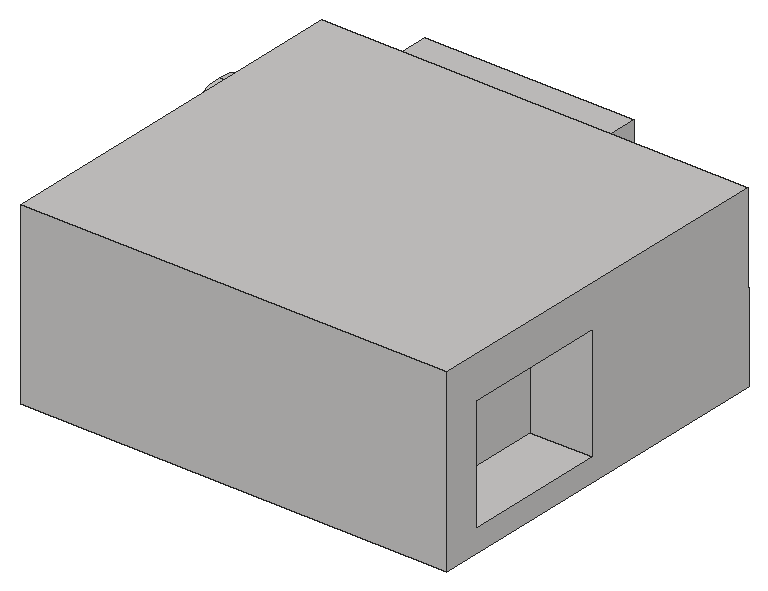
Revit family
Parameters
  Width = 3' - 0 1/8"
  Voltage = 208 V
  Unit Weight = "150.0 lbs"
  UltraLoc Liner = Choose Liner Option = 3  # no
  URL = "http://www.titus-hvac.com/"
  UL = "181"
  Supply Air Flow [instance] = 0 CFM
  SteriLoc Liner = Choose Liner Option = 2  # no
  Primary Air Pressure Drop [instance] = 0.00 in-wg
  Primary Air Flow [instance] = 0 CFM
  Plenum Air Pressure Drop [instance] = 0.00 in-wg
  Plenum Air Flow [instance] = 0 CFM
  Outlet Width = 1' - 2"
  Outlet Vertical Offset = 0' - 1 1/8"
  Outlet Horizontal Offset = 0' - 1 3/8"
  Outlet Height = 0' - 11"
  Number of Poles = 2
  Nominal Width = Width + 0' 6 1/4"  # 3' - 6 3/8"
  Nominal Length = Length + 0' 3 3/8"  # 3' - 8 1/4"
  Nominal Inlet Size = 1' - 0"
  Nominal Height = 1' - 5 1/8"
  NFPA = "90A"
  Motor Full Load Amps = 3 A
  Model = "DTQS"
  Min. Air Flow = 0 CFM
  Max. Air Flow = 0 CFM
  Material = Galvanized Steel
  Manufacturer = "Titus"
  Length = 3' - 4 7/8"
  Juction Box Offset = 0' - 4 7/8"
  Inlet Diameter = Nominal Inlet Size - 0' 0 1/8"  # 0' - 11 7/8"
  Induced Air Inlet Offset = 0' - 4 1/2"
  Induced Air Inlet Width = 1' - 1 1/4"
  Induced Air Inlet Height = 1' - 2 1/2"
  Induced Air Filter = no
  Heating Total Capacity [instance] = 0 Btu/h
  Half Outlet Connection Width = Outlet Width / 2  # 0' - 7"
  Half Outlet Connection Height = Outlet Height / 2  # 0' - 5 1/2"
  Half Height Start = -(Nominal Height / 2)  # -0' - 8 9/16"
  Half Height End = Nominal Height / 2  # 0' - 8 9/16"
  HP-Motor = "1/4"
  Frequency = 60 Hz
  Filter Size = "19\"x17\""
  Fiber Free Liner = Choose Liner Option = 1  # no
  Fan Disconnect Switch = no
  Duct Radius = Nominal Inlet Size / 2  # 0' - 6"
  Description = "Series Fan Powered Terminal Unit, Direct Digital Control, Pressure Independent"
  Connection Void Radius = Connection Radius - 0' 0 1/4"  # 0' - 5 11/16"
  Connection Radius = Inlet Diameter / 2  # 0' - 5 15/16"
  Choose Liner Option = 0
  CADworks URL = "www.CADworks.net"
  Assembly Code = "D3040100"
  Apparent Power = Voltage * Motor Full Load Amps  # 624 VA
  Air Inlet Offset = 0' - 8"
  1/2" Fiberglass Liner = Choose Liner Option = 0  # yes
Reference planes (in)
  plane 1 "Center (Front/Back)": y = 0
  plane 2: z = 0
  plane 3 "Center (Left/Right)": x = 3
  plane 4: x = -17.4375
  plane 5: x = 23.4375
  plane 6: x = -12.5625
  plane 7: x = -20.8125
  plane 8 "Center (Elevation)": z = 0
  plane 9: y = -18.0625
  plane 10: y = 18.0625
  plane 11: y = 10.0625
  plane 12: y = -13.5625
  plane 13: x = -11.4375
  plane 14: x = 17.4375
  plane 15: y = 24.3125
  plane 16: z = 8.5625
  plane 17: z = -8.5625
Forms (in)
  Extrusion 1, solid, material "Galvanized Steel" <- "Material"
    sketch origin (61, -3.76302, 78.80279) x (1, 0, 0) y (0, 1, 0)
      loop
        line (-78.4375, 21.82552) -> (-78.4375, -14.29948) -> (-37.5625, -14.29948) -> (-37.5625, 21.82552) -> (-78.4375, 21.82552)
    from -87.36529 <- "Half Height Start" to -70.24029 <- "Half Height End"
  Extrusion 2, solid, material "Galvanized Steel" <- "Material"
    sketch origin (6.0625, 0, 42) x (1, 0, 0) y (0, 1, 0)
      loop
        line (-18.625, 18.0625) -> (1.375, 18.0625) -> (1.375, 24.3125) -> (-18.625, 24.3125) -> (-18.625, 18.0625)
    from -48 to -36
  Extrusion 3, void
    sketch origin (23.4375, 18.0625, 76.42779) x (0, 1, 0) y (0, 0, -1)
      loop
        line (-18.625, 71.86529) -> (-18.625, 82.86529) -> (-32.625, 82.86529) -> (-32.625, 71.86529) -> (-18.625, 71.86529)
    from 0 to 6
  Extrusion 4, solid, material "Galvanized Steel" <- "Material"
    sketch origin (-24.875, -0.4375, 0) x (0, 0, -1) y (0, 1, 0)
      loop
        circle (0, 10.5) r 5.9375
    from 4.0625 to 7.4375
  Extrusion 5, void
    sketch origin (-24.875, 0, 0) x (0, 1, 0) y (0, 0, 1)
      loop
        circle (10.0625, 0) r 5.6875
    from 4.0625 to 13.4375
  Extrusion 6, void
    sketch origin (-17.4375, -18.0625, 78.67779) x (0, -1, 0) y (0, 0, -1)
      loop
        line (-17.75, 71.49029) -> (-4.5, 71.49029) -> (-4.5, 85.99029) -> (-17.75, 85.99029) -> (-17.75, 71.49029)
    from 0 to 6
Cuts and joins
  Extrusion 3, Extrusion 5, Extrusion 6 cuts Extrusion 1
  Extrusion 5 cuts Extrusion 4
Dimensions and locks (in)
  "Length": plane 5 to plane 4
  equal spacing: plane 5, plane 3 "Center (Left/Right)", plane 4
  locked: Extrusion 2 to plane 6 at 0
  locked: Extrusion 2 to Extrusion 2 at 20
  "Juction Box Offset": plane 6 to plane 4
  "Outlet Height": Extrusion 3 sketch curve to Extrusion 3 sketch curve
  "Outlet Width": Extrusion 3 sketch curve to Extrusion 3 sketch curve
  locked: plane 4 to plane 7 at 3.375
  "Width": plane 9 to plane 10
  equal spacing: plane 9, plane 1 "Center (Front/Back)", plane 10
  locked: Extrusion 4 sketch curve to level at 0
  locked: Extrusion 4 sketch curve to plane 11 at 0
  locked: Extrusion 5 sketch curve to level at 0
  locked: Extrusion 5 sketch curve to plane 11 at 0
  locked: Extrusion 2 to Extrusion 2 at 6.25
  "Air Inlet Offset": plane 10 to plane 11
  locked: Extrusion 2 to plane 10 at 0
  locked: cut or joined group of Extrusion 4, Extrusion 5 to plane 7 at 0
  locked: cut or joined group of Extrusion 4, Extrusion 5 to cut or joined group of Extrusion 4, Extrusion 5 at 3.375
  "Induced Air Inlet Offset": plane 9 to plane 12
  "Induced Air Inlet Width": Extrusion 6 sketch curve to Extrusion 6 sketch curve
  "Induced Air Inlet Height": Extrusion 6 sketch curve to Extrusion 6 sketch curve
  "Induced Air Inlet Offset": Extrusion 6 sketch curve to plane 9
  locked: plane 9 to Extrusion 3 sketch curve at 3.5
  cut or joined group of Extrusion 1, Extrusion 3, Extrusion 5, Extrusion 6 to Extrusion 6 sketch curve = 0' - 1 3/8"
  cut or joined group of Extrusion 1, Extrusion 3, Extrusion 5, Extrusion 6 to Extrusion 3 sketch curve = 0' - 2 1/8"
  locked: Extrusion 2 to Extrusion 2 at 12
  equal spacing: Extrusion 2, level, Extrusion 2
  locked: cut or joined group of Extrusion 1, Extrusion 3, Extrusion 5, Extrusion 6 to cut or joined group of Extrusion 1, Extrusion 3, Extrusion 5, Extrusion 6 at 17.125
  equal spacing: cut or joined group of Extrusion 1, Extrusion 3, Extrusion 5, Extrusion 6, level, cut or joined group of Extrusion 1, Extrusion 3, Extrusion 5, Extrusion 6
  locked: plane 4 to plane 13 at 6
  locked: plane 14 to plane 5 at 6
  "Connection Radius": radius of Extrusion 4 sketch curve
  "Connection Void Radius": radius of Extrusion 5 sketch curve
  aligned and locked: cut or joined group of Extrusion 1, Extrusion 3, Extrusion 5, Extrusion 6 to plane 10
  aligned and locked: plane 9 to cut or joined group of Extrusion 1, Extrusion 3, Extrusion 5, Extrusion 6
  aligned and locked: plane 5 to cut or joined group of Extrusion 1, Extrusion 3, Extrusion 5, Extrusion 6
  aligned and locked: cut or joined group of Extrusion 1, Extrusion 3, Extrusion 5, Extrusion 6 to plane 4
  aligned and locked: Extrusion 3 to plane 14
  aligned and locked: plane 13 to Extrusion 6
  aligned and locked: Extrusion 6 to Extrusion 5
Automatic sketch dimensions
  plane 4 to Extrusion 1 sketch curve = 0' - 0"
  plane 5 to Extrusion 1 sketch curve = 0' - 0"
  plane 9 to Extrusion 1 sketch curve = 0' - 0"
  plane 10 to Extrusion 1 sketch curve = 0' - 0"
  Extrusion 2 sketch curve to plane 6 = 0' - 0"
  Extrusion 2 sketch curve to plane 10 = 0' - 0"
  plane 3 "Center (Left/Right)" to Extrusion 2 sketch curve = 0' - 4 7/16"
  Extrusion 2 sketch curve to plane 10 = 0' - 6 1/4"
Connectors (in)
  electrical at (-2.5625, 24.3125, 0), driven by "Apparent Power", driven by "Voltage", driven by "Number of Poles"
    settings: on Extrusion 2, index 8
  hvac at (-20.8125, 10.0625, 0), driven by "Primary Air Flow", driven by "Duct Radius", driven by "Primary Air Pressure Drop"
    settings: on cut or joined group of Extrusion 4, Extrusion 5, index 9
  hvac at (-17.4375, -6.9375, -0.0625), driven by "Induced Air Inlet Width", driven by "Induced Air Inlet Height", driven by "Plenum Air Pressure Drop", driven by "Plenum Air Flow"
    settings: on cut or joined group of Extrusion 1, Extrusion 3, Extrusion 5, Extrusion 6, index 14
  hvac at (23.4375, -7.5625, -0.9375), driven by "Supply Air Flow", driven by "Outlet Width", driven by "Outlet Height"
    settings: on cut or joined group of Extrusion 1, Extrusion 3, Extrusion 5, Extrusion 6, index 15
